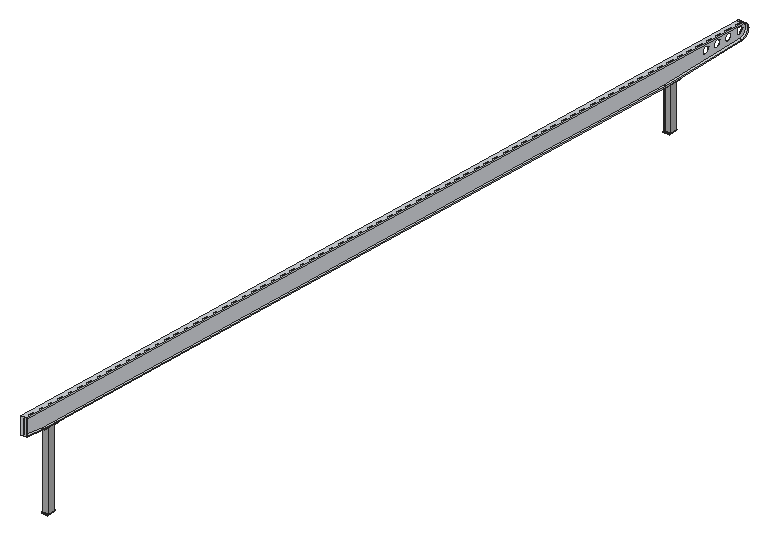
Revit family "STC_A3-R4-Option-2", category Structural Framing, Revit 2016
Family settings
  Section Shape = Not Defined
  Material for Model Behavior = Other
  Always export as geometry = No
  Work Plane-Based = No
  Always vertical = Yes
  Cut with Voids When Loaded = No
  Symbolic Representation = From Family
  Shared = No
  Show family pre-cut in plan views = Yes
Parameters (values of type "R4")
  Assembly Code = ""
Reference planes
  plane 1 "Center (Front/Back)": y = 884.75
  plane 2: z = 0
  plane 3 "Center (Left/Right)": x = 0
  plane 4: y = -11615.25
  plane 5: y = 884.75
  plane 6: y = -3485.25
  plane 7: y = -12115.25
  plane 8: y = 2384.75
  plane 9: y = -5365.25
Forms (mm)
  Extrusion 1, solid
    sketch origin (0, -10608.87, -23.771) x (0, -0.999048, -0.043619) y (0, 0.043619, -0.999048)
      loop
        line (1434.656, -1675.623) -> (1446.384, -1407.022) -> (1074.844, -1338.161) -> (-11385, -247.47) -> (-12908.798, -180.939)
        arc (-12908.798, -180.939) -> (-13032.756, -289.642) -> (-12929.57, -418.229) r 119.212
        line (-12929.57, -418.229) -> (1434.656, -1675.623)
      loop
        line (1428.272, -1668.239) -> (1439.434, -1412.589) -> (1074.548, -1344.961) -> (-11386.036, -254.205) -> (-12915.532, -187.536)
        arc (-12915.532, -187.536) -> (-13026.253, -292.431) -> (-12930.696, -411.304) r 112.512
        line (-12930.696, -411.304) -> (1428.272, -1668.239)
    from -51 to 51
  Extrusion 2, solid
    sketch origin (0, -10608.87, -23.771) x (0, -0.999048, -0.043619) y (0, 0.043619, -0.999048)
      loop
        line (1428.272, -1668.239) -> (1439.434, -1412.589) -> (1074.548, -1344.961) -> (-11386.036, -254.205) -> (-12915.532, -187.536)
        arc (-12915.532, -187.536) -> (-13026.253, -292.431) -> (-12930.696, -411.304) r 112.512
        line (-12930.696, -411.304) -> (1428.272, -1668.239)
      loop
        circle (-12913.998, -300.038) r 60
      loop
        circle (-12462.36, -329.659) r 60
      loop
        circle (-12686.878, -314.934) r 60
      loop
        circle (-12235.24, -344.554) r 60
    from -3 to 3
  Extrusion 3, solid, material "Metal - Steel"
    sketch origin (0, -4858, 590.335) x (0, -1, 0) y (0, 0, -1)
      loop
        line (-5612.5, -117.735) -> (-5872.5, -117.735) -> (-5872.5, -129.735) -> (-5612.5, -129.735) -> (-5612.5, -117.735)
    from -50 to 50
  Extrusion 4, solid, material "Metal - Steel"
    sketch origin (0, -17353.61, 1387.696) x (0, -0.999046, 0.043667) y (0, -0.043667, -0.999046)
      loop
        line (-5612.5, -111.735) -> (-5872.5, -111.735) -> (-5872.5, -123.735) -> (-5612.5, -123.735) -> (-5612.5, -111.735)
    from -50 to 50
  Extrusion 5, solid, material "Metal - Steel"
    sketch origin (0, -11615.25, 0) x (1, 0, 0) y (0, 1, 0)
      loop
        line (-50, -50) -> (50, -50) -> (50, 50) -> (-50, 50) -> (-50, -50)
      loop
        line (-44, -44) -> (44, -44) -> (44, 44) -> (-44, 44) -> (-44, -44)
    from 12 to 1252.398
  Extrusion 6, solid, material "Metal - Steel"
    sketch origin (0, -11615.25, 0) x (0, -1, 0) y (0, 0, -1)
      loop
        line (72, -12) -> (72, 0) -> (-72, 0) -> (-72, -12) -> (72, -12)
    from -50 to 50
  Extrusion 7, solid, material "Metal - Steel"
    sketch origin (0, 909.5, 0) x (1, 0, 0) y (0, 1, 0)
      loop
        line (-50, -75) -> (50, -75) -> (50, 25) -> (-50, 25) -> (-50, -75)
      loop
        line (-44, -69) -> (44, -69) -> (44, 19) -> (-44, 19) -> (-44, -69)
    from 12 to 708.07
  Extrusion 8, solid, material "Metal - Steel"
    sketch origin (0, 920.5, 0) x (0, -1, 0) y (0, 0, -1)
      loop
        line (107.5, -12) -> (107.5, 0) -> (-36, 0) -> (-36, -12) -> (107.5, -12)
    from -50 to 50
Dimensions and locks
  plane 5 to plane 4 = 12500 mm  (x2)
  plane 4 to plane 7 = 500 mm
